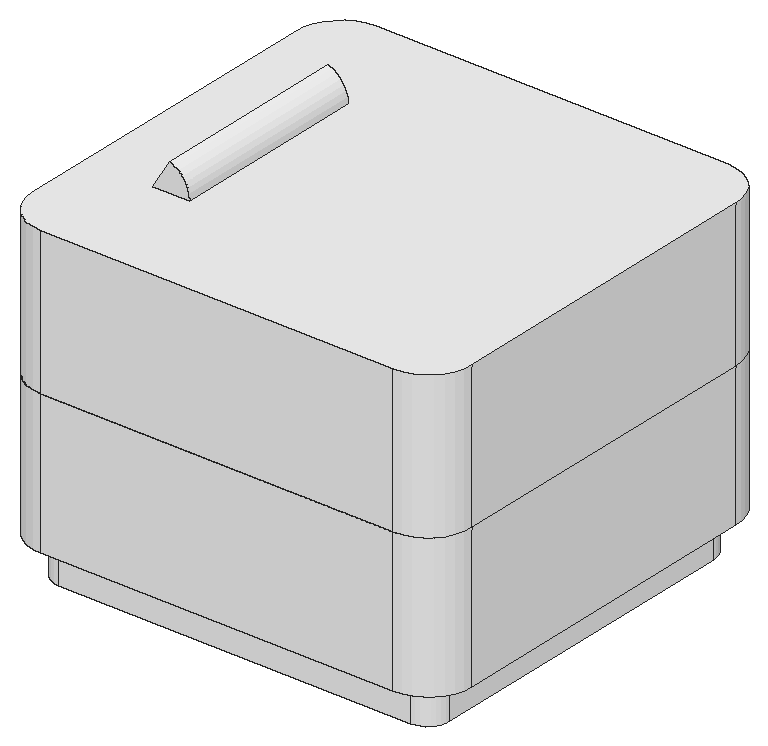
Revit family "Gira_044030", category Electrical Fixtures, host Face, Revit 2017
Family settings
  Host = Face
  Maintain Annotation Orientation = Yes
  Round Connector Dimension = Use Diameter
  Part Type = Normal
  Cut with Voids When Loaded = No
  Shared = No
  Room Calculation Point = No
Parameters (values of type "SCHUKO KD WG AP Grau")
  Überspannungsschutz = "No"
  Werkstoffgüte = "sonstige"
  Werkstoff = "sonstige"
  Verdrehter Zentraleinsatz = "No"
  URL = "http://katalog.gira.de/de_DE/datenblatt.html?artikelnr=044030"
  Transparent = "No"
  Textfeld/Beschriftungsfläche = "No"
  Sonderstromversorgung = "ohne Sonderstromversorgung"
  Schutzleiterkontakt rund = "No"
  Schutzkontakt = "Yes"
  Region = "DE"
  Oberfläche = "sonstige"
  Nennstrom = "16 Ampere"
  Nennspannung = "250 Volt"
  Name = "SCHUKO KD WG AP Grau"
  Montageart = "auf Putz"
  Mit erhöhtem Berührungsschutz = "No"
  Mit eingebauter USB-Spannungsversorgung = "No"
  Mit Signallampe = "No"
  Mit Orientierungsbeleuchtung = "No"
  Mit Klappdeckel = "Yes"
  Mit Funktionsbeleuchtung = "No"
  Mit Feinsicherung = "No"
  Mit Ein-/Ausschalter = "No"
  Mit Durchschleiffunktion = "No"
  Manufacturer URL = "https://www.gira.de/"
  Keynote = "IP44_Komplettgerät_Steckdose"
  Isolierter Einbau = "No"
  HeinzeBIM = "https://bimportal.heinze.de/bim/schuko-kd-wg-ap-grau/001bc6ef994f9e31831db532c6daafa99ae55a40"
  Halogenfrei = "No"
  HAN = "044030"
  Geeignet für Schutzart (IP) = "IP44"
  GTIN = "4010337440307"
  Für "erschwerte Bedingungen" (nach VDE) = "No"
  Fehlerstromschutz = "No"
  Farbe = "grau"
  Default Elevation = 1219.2 mm
  Data sheet (1) = "https://katalog.gira.de/de_DE/download.html?artikelnr=044030"
  Category = "Steckdose"
  Befestigungsart = "Befestigung mit Schraube"
  Available = "Yes"
  Auswurfmechanismus = "No"
  Ausführung = "Schuko"
  Aufdruck/Kennzeichnung = "ohne Aufdruck"
  Anzahl der Steckdosen schaltbar = "0 "
  Anzahl der Module (bei Modulbauweise) = "1 "
  Anzahl der Einheiten = "1 "
  Antibakterielle Behandlung = "No"
  Anschlussart = "Steckklemme"
  Abschließbar = "No"
Reference planes
  plane 1 "Center (Front/Back)": y = 0
  plane 2: z = 0
  plane 3 "Center (Left/Right)": x = 0
Forms (mm)
  Extrusion 1, solid, material "White", detail levels fine
    sketch origin (41, 0, 0) x (1, 0, 0) y (0, 1, 0)
      loop
        line (-9, 38) -> (-73, 38)
        arc (-73, 38) -> (-78.657, 35.657) -> (-81, 30) r 8
        line (-81, 30) -> (-81, -30)
        arc (-81, -30) -> (-78.657, -35.657) -> (-73, -38) r 8
        line (-73, -38) -> (-9, -38)
        arc (-9, -38) -> (-3.343, -35.657) -> (-1, -30) r 8
        line (-1, -30) -> (-1, 30)
        arc (-1, 30) -> (-3.343, 35.657) -> (-9, 38) r 8
    from 0 to 26
  Extrusion 2, solid, material "White", detail levels fine
    sketch origin (41, 0, 0) x (1, 0, 0) y (0, 1, 0)
      loop
        line (-9, 38) -> (-73, 38)
        arc (-73, 38) -> (-78.657, 35.657) -> (-81, 30) r 8
        line (-81, 30) -> (-81, -30)
        arc (-81, -30) -> (-78.657, -35.657) -> (-73, -38) r 8
        line (-73, -38) -> (-9, -38)
        arc (-9, -38) -> (-3.343, -35.657) -> (-1, -30) r 8
        line (-1, -30) -> (-1, 30)
        arc (-1, 30) -> (-3.343, 35.657) -> (-9, 38) r 8
    from 26 to 52.5
  Extrusion 3, solid, material "White", detail levels fine
    sketch origin (41, 0, 0) x (1, 0, 0) y (0, 0, 1)
      loop
        line (-68.7, 52.5) -> (-62.067, 52.5)
        arc (-62.067, 52.5) -> (-63.019, 55.628) -> (-65.7, 57.5) r 5
        line (-65.7, 57.5) -> (-68.7, 52.5)
    from 18 to -18
  Extrusion 4, solid, material "White", detail levels medium
    sketch origin (41, -5.734, 0) x (1, 0, 0) y (0, 1, 0)
      loop
        line (-9, 43.734) -> (-73, 43.734)
        arc (-73, 43.734) -> (-78.657, 41.391) -> (-81, 35.734) r 8
        line (-81, 35.734) -> (-81, -24.266)
        arc (-81, -24.266) -> (-78.657, -29.923) -> (-73, -32.266) r 8
        line (-73, -32.266) -> (-9, -32.266)
        arc (-9, -32.266) -> (-3.343, -29.923) -> (-1, -24.266) r 8
        line (-1, -24.266) -> (-1, 35.734)
        arc (-1, 35.734) -> (-3.343, 41.391) -> (-9, 43.734) r 8
    from 0 to 52.5
  Extrusion 5, solid, material "White", detail levels medium
    sketch origin (41, 0, 0) x (1, 0, 0) y (0, 0, 1)
      loop
        line (-68.7, 57.5) -> (-68.7, 52.5) -> (-62.067, 52.5) -> (-62.067, 57.5) -> (-68.7, 57.5)
    from -18 to 18
  Extrusion 6, solid, material "White", detail levels coarse
    sketch origin (41, 0, 0) x (1, 0, 0) y (0, 1, 0)
      loop
        line (-1, 38) -> (-81, 38) -> (-81, -38) -> (-1, -38) -> (-1, 38)
    from -7 to 57.5
  Extrusion 7, solid, material "White", detail levels medium+fine
    sketch origin (41, 0, 0) x (1, 0, 0) y (0, 1, 0)
      loop
        line (-9, 34) -> (-73, 34)
        arc (-73, 34) -> (-75.828, 32.828) -> (-77, 30) r 4
        line (-77, 30) -> (-77, -30)
        arc (-77, -30) -> (-75.828, -32.828) -> (-73, -34) r 4
        line (-73, -34) -> (-9, -34)
        arc (-9, -34) -> (-6.172, -32.828) -> (-5, -30) r 4
        line (-5, -30) -> (-5, 30)
        arc (-5, 30) -> (-6.172, 32.828) -> (-9, 34) r 4
    from 0 to -7
Dimensions and locks
  Extrusion 6 to plane 3 "Center (Left/Right)" to Extrusion 6 = 40 mm, 40 mm
  aligned and locked: plane 2 to host face
  aligned and locked: level to host face
  aligned and locked: plane 3 "Center (Left/Right)" to nested 1
  aligned and locked: plane 1 "Center (Front/Back)" to nested 1
Nested families
  nested 1: "Steckdose 1-fach Beschriftung" at (0, 0, 0), type "Steckdose 1-fach Beschriftung"
Connectors
  electrical at (0, 0, -7)
    settings: on Extrusion 7, index 1, voltage 220 V, apparent load 0 VA, apparent load phase1 0 VA, apparent load phase2 0 VA, apparent load phase3 0 VA, power factor 1, load classification "Other", number of poles 1, system type 31, power factor state 1, is connector primary yes, connector utility no, sub classification motor no, connector description ""
Definition of nested family "Steckdose 1-fach Beschriftung"
  Reference planes
    plane 1: y = 0
    plane 2: x = 0
  Lines and regions (mm)
    detail lines
      curve 1: line (0, 0, 0) -> (0, 2, 0)
      curve 3: line (0, 2, 0) -> (-1, 2, 0)
      curve 4: arc (1, 3, 0) -> (0, 2, 0) -> (-1, 3, 0) r 1
      curve 5: line (0, 2, 0) -> (1, 2, 0)
    reference lines
      curve 2: line (-0.485, 3, 0) -> (2.315, 3, 0)
  Dimensions and locks
    curve 1 to curve 1 = 2 mm
    plane 1 to curve 2 = 3 mm
    curve 3 to curve 3 = 1 mm
